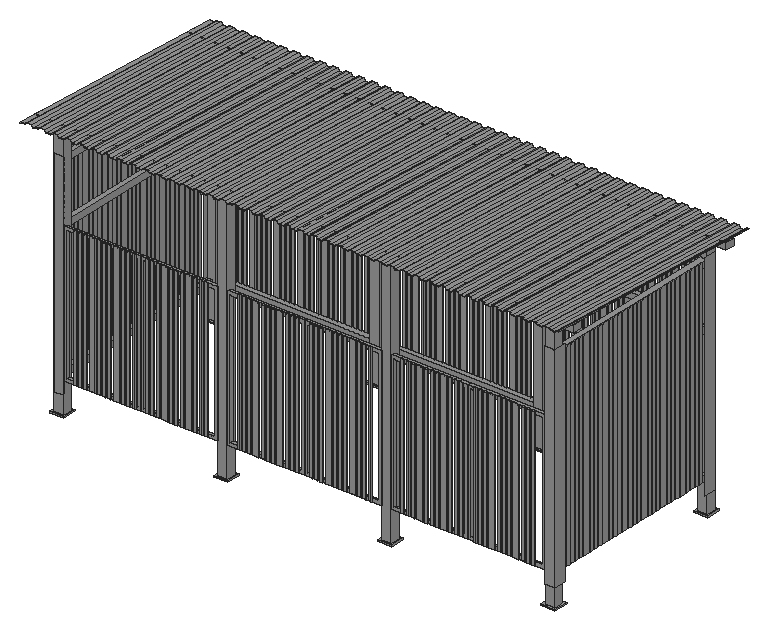
Revit family "15109 Контейнерная площадка для ТБО «Вертикаль» Хоббика", category Антураж, Revit 2018
Family settings
  На основе рабочей плоскости = Нет
  Всегда вертикально = Да
  При загрузке вырезать с полостями = Нет
  Источник визуального образа = Геометрия семейства
  Общий = Нет
  Точка расчета площади = Нет
Parameters (values of type "Контейнерная площадка для ТБО «Вертикаль»")
  Ширина = 2020 mm  # constant formula
  Цвет каркаса = Сталь
  Описание = "Контейнерная площадка для ТБО «Вертикаль»"  # constant formula
  Материал изделия = "Сталь"  # constant formula
  Изображение типоразмера = Контейнерная площадка для ТБО «Вертикаль» 15109.jpg
  Изготовитель = "ООО «Хоббика»"  # constant formula
  Длина = 4580 mm  # constant formula
  Группа модели = "Контейнерные площадки для ТБО"  # constant formula
  Высота = 2240 mm  # constant formula
  Артикул товара = "Арт. 15109"  # constant formula
  URL = "https://hobbyka.ru/product/konteynernaya_ploshchadka_dlya_tbo_vertikal/"
Reference planes
  plane 1 "По центру (Вперед/Назад)": y = 0
  plane 2: z = 0
  plane 3 "По центру (Влево/Вправо)": x = 0
  plane 4: x = 4580
  plane 5: y = 2020
  plane 6: z = 2240
Forms (mm)
  Extrusion 1, solid, material "Сталь" <- "Цвет каркаса"
    sketch origin (0, -111.557, 76.968) x (1, 0, 0) y (0, 0.052336, 0.99863)
      loop
        line (0, 2150) -> (40, 2150) -> (55, 2165) -> (95, 2165) -> (110, 2150) -> (150, 2150) -> (165, 2165) -> (205, 2165) -> (220, 2150) -> (260, 2150) -> (275, 2165) -> (315, 2165) -> (330, 2150) -> (370, 2150) -> (385, 2165) -> (425, 2165) -> (440, 2150) -> (480, 2150) -> (495, 2165) -> (535, 2165) -> (550, 2150) -> (590, 2150) -> (605, 2165) -> (645, 2165) -> (660, 2150) -> (700, 2150) -> (715, 2165) -> (755, 2165) -> (770, 2150) -> (810, 2150) -> (825, 2165) -> (865, 2165) -> (880, 2150) -> (920, 2150) -> (935, 2165) -> (975, 2165) -> (990, 2150) -> (1030, 2150) -> (1045, 2165) -> (1085, 2165) -> (1100, 2150) -> (1140, 2150) -> (1155, 2165) -> (1195, 2165) -> (1210, 2150) -> (1250, 2150) -> (1265, 2165) -> (1305, 2165) -> (1320, 2150) -> (1360, 2150) -> (1375, 2165) -> (1415, 2165) -> (1430, 2150) -> (1470, 2150) -> (1485, 2165) -> (1525, 2165) -> (1540, 2150) -> (1580, 2150) -> (1595, 2165) -> (1635, 2165) -> (1650, 2150) -> (1690, 2150) -> (1705, 2165) -> (1745, 2165) -> (1760, 2150) -> (1800, 2150) -> (1815, 2165) -> (1855, 2165) -> (1870, 2150) -> (1910, 2150) -> (1925, 2165) -> (1965, 2165) -> (1980, 2150) -> (2020, 2150) -> (2035, 2165) -> (2075, 2165) -> (2090, 2150) -> (2130, 2150) -> (2145, 2165) -> (2185, 2165) -> (2200, 2150) -> (2240, 2150) -> (2255, 2165) -> (2295, 2165) -> (2310, 2150) -> (2350, 2150) -> (2365, 2165) -> (2405, 2165) -> (2420, 2150) -> (2460, 2150) -> (2475, 2165) -> (2515, 2165) -> (2530, 2150) -> (2570, 2150) -> (2585, 2165) -> (2625, 2165) -> (2640, 2150) -> (2680, 2150) -> (2695, 2165) -> (2735, 2165) -> (2750, 2150) -> (2790, 2150) -> (2805, 2165) -> (2845, 2165) -> (2860, 2150) -> (2900, 2150) -> (2915, 2165) -> (2955, 2165) -> (2970, 2150) -> (3010, 2150) -> (3025, 2165) -> (3065, 2165) -> (3080, 2150) -> (3120, 2150) -> (3135, 2165) -> (3175, 2165) -> (3190, 2150) -> (3230, 2150) -> (3245, 2165) -> (3285, 2165) -> (3300, 2150) -> (3340, 2150) -> (3355, 2165) -> (3395, 2165) -> (3410, 2150) -> (3450, 2150) -> (3465, 2165) -> (3505, 2165) -> (3520, 2150) -> (3560, 2150) -> (3575, 2165) -> (3615, 2165) -> (3630, 2150) -> (3670, 2150) -> (3685, 2165) -> (3725, 2165) -> (3740, 2150) -> (3780, 2150) -> (3795, 2165) -> (3835, 2165) -> (3850, 2150) -> (3890, 2150) -> (3905, 2165) -> (3945, 2165) -> (3960, 2150) -> (4000, 2150) -> (4015, 2165) -> (4055, 2165) -> (4070, 2150) -> (4110, 2150) -> (4125, 2165) -> (4165, 2165) -> (4180, 2150) -> (4220, 2150) -> (4235, 2165) -> (4275, 2165) -> (4290, 2150) -> (4330, 2150) -> (4345, 2165) -> (4385, 2165) -> (4400, 2150) -> (4440, 2150) -> (4455, 2165) -> (4495, 2165) -> (4510, 2150) -> (4550, 2150) -> (4565, 2165) -> (4580, 2165) -> (4580, 2166) -> (4564.586, 2166) -> (4549.586, 2151) -> (4510.414, 2151) -> (4495.414, 2166) -> (4454.586, 2166) -> (4439.586, 2151) -> (4400.414, 2151) -> (4385.414, 2166) -> (4344.586, 2166) -> (4329.586, 2151) -> (4290.414, 2151) -> (4275.414, 2166) -> (4234.586, 2166) -> (4219.586, 2151) -> (4180.414, 2151) -> (4165.414, 2166) -> (4124.586, 2166) -> (4109.586, 2151) -> (4070.414, 2151) -> (4055.414, 2166) -> (4014.586, 2166) -> (3999.586, 2151) -> (3960.414, 2151) -> (3945.414, 2166) -> (3904.586, 2166) -> (3889.586, 2151) -> (3850.414, 2151) -> (3835.414, 2166) -> (3794.586, 2166) -> (3779.586, 2151) -> (3740.414, 2151) -> (3725.414, 2166) -> (3684.586, 2166) -> (3669.586, 2151) -> (3630.414, 2151) -> (3615.414, 2166) -> (3574.586, 2166) -> (3559.586, 2151) -> (3520.414, 2151) -> (3505.414, 2166) -> (3464.586, 2166) -> (3449.586, 2151) -> (3410.414, 2151) -> (3395.414, 2166) -> (3354.586, 2166) -> (3339.586, 2151) -> (3300.414, 2151) -> (3285.414, 2166) -> (3244.586, 2166) -> (3229.586, 2151) -> (3190.414, 2151) -> (3175.414, 2166) -> (3134.586, 2166) -> (3119.586, 2151) -> (3080.414, 2151) -> (3065.414, 2166) -> (3024.586, 2166) -> (3009.586, 2151) -> (2970.414, 2151) -> (2955.414, 2166) -> (2914.586, 2166) -> (2899.586, 2151) -> (2860.414, 2151) -> (2845.414, 2166) -> (2804.586, 2166) -> (2789.586, 2151) -> (2750.414, 2151) -> (2735.414, 2166) -> (2694.586, 2166) -> (2679.586, 2151) -> (2640.414, 2151) -> (2625.414, 2166) -> (2584.586, 2166) -> (2569.586, 2151) -> (2530.414, 2151) -> (2515.414, 2166) -> (2474.586, 2166) -> (2459.586, 2151) -> (2420.414, 2151) -> (2405.414, 2166) -> (2364.586, 2166) -> (2349.586, 2151) -> (2310.414, 2151) -> (2295.414, 2166) -> (2254.586, 2166) -> (2239.586, 2151) -> (2200.414, 2151) -> (2185.414, 2166) -> (2144.586, 2166) -> (2129.586, 2151) -> (2090.414, 2151) -> (2075.414, 2166) -> (2034.586, 2166) -> (2019.586, 2151) -> (1980.414, 2151) -> (1965.414, 2166) -> (1924.586, 2166) -> (1909.586, 2151) -> (1870.414, 2151) -> (1855.414, 2166) -> (1814.586, 2166) -> (1799.586, 2151) -> (1760.414, 2151) -> (1745.414, 2166) -> (1704.586, 2166) -> (1689.586, 2151) -> (1650.414, 2151) -> (1635.414, 2166) -> (1594.586, 2166) -> (1579.586, 2151) -> (1540.414, 2151) -> (1525.414, 2166) -> (1484.586, 2166) -> (1469.586, 2151) -> (1430.414, 2151) -> (1415.414, 2166) -> (1374.586, 2166) -> (1359.586, 2151) -> (1320.414, 2151) -> (1305.414, 2166) -> (1264.586, 2166) -> (1249.586, 2151) -> (1210.414, 2151) -> (1195.414, 2166) -> (1154.586, 2166) -> (1139.586, 2151) -> (1100.414, 2151) -> (1085.414, 2166) -> (1044.586, 2166) -> (1029.586, 2151) -> (990.414, 2151) -> (975.414, 2166) -> (934.586, 2166) -> (919.586, 2151) -> (880.414, 2151) -> (865.414, 2166) -> (824.586, 2166) -> (809.586, 2151) -> (770.414, 2151) -> (755.414, 2166) -> (714.586, 2166) -> (699.586, 2151) -> (660.414, 2151) -> (645.414, 2166) -> (604.586, 2166) -> (589.586, 2151) -> (550.414, 2151) -> (535.414, 2166) -> (494.586, 2166) -> (479.586, 2151) -> (440.414, 2151) -> (425.414, 2166) -> (384.586, 2166) -> (369.586, 2151) -> (330.414, 2151) -> (315.414, 2166) -> (274.586, 2166) -> (259.586, 2151) -> (220.414, 2151) -> (205.414, 2166) -> (164.586, 2166) -> (149.586, 2151) -> (110.414, 2151) -> (95.414, 2166) -> (54.586, 2166) -> (39.586, 2151) -> (0, 2151) -> (0, 2150)
    from 0 to -2020
  Extrusion 2, solid, material "Сталь" <- "Цвет каркаса"
    sketch origin (0, 0, 0) x (1, 0, 0) y (0, 1, 0)
      loop
        line (4340, 240) -> (4340, 160) -> (4420, 160) -> (4420, 240) -> (4340, 240)
      loop
        line (2946.667, 240) -> (2946.667, 160) -> (3026.667, 160) -> (3026.667, 240) -> (2946.667, 240)
      loop
        line (1553.333, 240) -> (1553.333, 160) -> (1633.333, 160) -> (1633.333, 240) -> (1553.333, 240)
      loop
        line (160, 240) -> (160, 160) -> (240, 160) -> (240, 240) -> (160, 240)
    from 0 to 2161.515
  Extrusion 3, solid, material "Сталь" <- "Цвет каркаса"
    sketch origin (0, 0, 0) x (1, 0, 0) y (0, 1, 0)
      loop
        line (140, 1880) -> (140, 1760) -> (260, 1760) -> (260, 1880) -> (140, 1880)
      loop
        line (1533.333, 1880) -> (1533.333, 1760) -> (1653.333, 1760) -> (1653.333, 1880) -> (1533.333, 1880)
      loop
        line (140, 260) -> (140, 140) -> (260, 140) -> (260, 260) -> (140, 260)
      loop
        line (1533.333, 260) -> (1533.333, 140) -> (1653.333, 140) -> (1653.333, 260) -> (1533.333, 260)
      loop
        line (2926.667, 260) -> (2926.667, 140) -> (3046.667, 140) -> (3046.667, 260) -> (2926.667, 260)
      loop
        line (4320, 260) -> (4320, 140) -> (4440, 140) -> (4440, 260) -> (4320, 260)
      loop
        line (2926.667, 1880) -> (2926.667, 1760) -> (3046.667, 1760) -> (3046.667, 1880) -> (2926.667, 1880)
      loop
        line (4320, 1880) -> (4320, 1760) -> (4440, 1760) -> (4440, 1880) -> (4320, 1880)
    from 0 to 10
  Extrusion 4, solid, material "Сталь" <- "Цвет каркаса"
    sketch origin (0, 0, 0) x (1, 0, 0) y (0, 1, 0)
      loop
        line (160, 1860) -> (160, 1780) -> (240, 1780) -> (240, 1860) -> (160, 1860)
      loop
        line (1553.333, 1860) -> (1553.333, 1780) -> (1633.333, 1780) -> (1633.333, 1860) -> (1553.333, 1860)
      loop
        line (2946.667, 1860) -> (2946.667, 1780) -> (3026.667, 1780) -> (3026.667, 1860) -> (2946.667, 1860)
      loop
        line (4340, 1860) -> (4340, 1780) -> (4420, 1780) -> (4420, 1860) -> (4340, 1860)
    from 0 to 2076.615
  Extrusion 5, solid, material "Сталь" <- "Цвет каркаса"
    sketch origin (0, 0, 0) x (0, 1, 0) y (0, 0, 1)
      loop
        line (160, 2215.687) -> (160, 2161.515) -> (240, 2161.515) -> (240, 2211.495) -> (160, 2215.687)
      loop
        line (1780, 2130.787) -> (1780, 2076.615) -> (1860, 2076.615) -> (1860, 2126.594) -> (1780, 2130.787)
    from 0 to 4580
  Extrusion 6, solid, material "Сталь" <- "Цвет каркаса"
    sketch origin (0, 0, 0) x (1, 0, 0) y (0, 1, 0)
      loop
        line (240, 1860) -> (240, 1810) -> (1553.333, 1810) -> (1553.333, 1860) -> (240, 1860)
      loop
        line (1633.333, 1860) -> (1633.333, 1810) -> (2946.667, 1810) -> (2946.667, 1860) -> (1633.333, 1860)
      loop
        line (3026.667, 1860) -> (3026.667, 1810) -> (4340, 1810) -> (4340, 1860) -> (3026.667, 1860)
      loop
        line (210, 1780) -> (160, 1780) -> (160, 240) -> (210, 240) -> (210, 1780)
      loop
        line (4420, 1780) -> (4370, 1780) -> (4370, 240) -> (4420, 240) -> (4420, 1780)
    from 270 to 320
  Extrusion 7, solid, material "Сталь" <- "Цвет каркаса"
    sketch origin (0, 0, 0) x (1, 0, 0) y (0, 1, 0)
      loop
        line (240, 1860) -> (240, 1810) -> (1553.333, 1810) -> (1553.333, 1860) -> (240, 1860)
      loop
        line (1633.333, 1860) -> (1633.333, 1810) -> (2946.667, 1810) -> (2946.667, 1860) -> (1633.333, 1860)
      loop
        line (3026.667, 1860) -> (3026.667, 1810) -> (4340, 1810) -> (4340, 1860) -> (3026.667, 1860)
      loop
        line (210, 1780) -> (160, 1780) -> (160, 240) -> (210, 240) -> (210, 1780)
      loop
        line (4420, 1780) -> (4370, 1780) -> (4370, 240) -> (4420, 240) -> (4420, 1780)
    from 1900 to 1950
  Extrusion 8, solid, material "Сталь" <- "Цвет каркаса"
    sketch origin (0, 0, 0) x (1, 0, 0) y (0, 1, 0)
      loop
        line (240, 1860) -> (240, 1810) -> (1553.333, 1810) -> (1553.333, 1860) -> (240, 1860)
      loop
        line (1633.333, 1860) -> (1633.333, 1810) -> (2946.667, 1810) -> (2946.667, 1860) -> (1633.333, 1860)
      loop
        line (3026.667, 1860) -> (3026.667, 1810) -> (4340, 1810) -> (4340, 1860) -> (3026.667, 1860)
      loop
        line (210, 1780) -> (160, 1780) -> (160, 240) -> (210, 240) -> (210, 1780)
      loop
        line (4420, 1780) -> (4370, 1780) -> (4370, 240) -> (4420, 240) -> (4420, 1780)
    from 1400 to 1450
  Extrusion 9, solid, material "Сталь" <- "Цвет каркаса"
    sketch origin (0, 0, 0) x (1, 0, 0) y (0, 0, 1)
      loop
        line (896.667, 1450) -> (240, 1450) -> (240, 270) -> (896.667, 270) -> (896.667, 1450)
      loop
        line (265, 1425) -> (265, 295) -> (871.667, 295) -> (871.667, 1425) -> (265, 1425)
      loop
        line (2290, 1450) -> (1633.333, 1450) -> (1633.333, 270) -> (2290, 270) -> (2290, 1450)
      loop
        line (1658.333, 1425) -> (1658.333, 295) -> (2265, 295) -> (2265, 1425) -> (1658.333, 1425)
      loop
        line (3683.333, 1450) -> (3026.667, 1450) -> (3026.667, 270) -> (3683.333, 270) -> (3683.333, 1450)
      loop
        line (3051.667, 1425) -> (3051.667, 295) -> (3658.333, 295) -> (3658.333, 1425) -> (3051.667, 1425)
    from -160 to -185
  Extrusion 10, solid, material "Сталь" <- "Цвет каркаса"
    sketch origin (656.667, 0, 0) x (1, 0, 0) y (0, 0, 1)
      loop
        line (896.667, 1450) -> (240, 1450) -> (240, 270) -> (896.667, 270) -> (896.667, 1450)
      loop
        line (265, 1425) -> (265, 295) -> (871.667, 295) -> (871.667, 1425) -> (265, 1425)
      loop
        line (2290, 1450) -> (1633.333, 1450) -> (1633.333, 270) -> (2290, 270) -> (2290, 1450)
      loop
        line (1658.333, 1425) -> (1658.333, 295) -> (2265, 295) -> (2265, 1425) -> (1658.333, 1425)
      loop
        line (3683.333, 1450) -> (3026.667, 1450) -> (3026.667, 270) -> (3683.333, 270) -> (3683.333, 1450)
      loop
        line (3051.667, 1425) -> (3051.667, 295) -> (3658.333, 295) -> (3658.333, 1425) -> (3051.667, 1425)
    from -160 to -185
  Extrusion 11, solid, material "Сталь" <- "Цвет каркаса"
    sketch origin (0, 0, 0) x (1, 0, 0) y (0, 1, 0)
      loop
        line (306.667, 1860) -> (306.667, 1861) -> (159, 1861) -> (159, 1750) -> (160, 1750) -> (160, 1860) -> (306.667, 1860)
      loop
        line (4278.333, 1860) -> (4420, 1860) -> (4420, 1755) -> (4421, 1755) -> (4421, 1861) -> (4278.333, 1861) -> (4278.333, 1860)
      loop
        line (240, 160) -> (160, 160) -> (160, 265) -> (159, 265) -> (159, 159) -> (240, 159) -> (240, 160)
      loop
        line (4340, 160) -> (4340, 159) -> (4421, 159) -> (4421, 265) -> (4420, 265) -> (4420, 160) -> (4340, 160)
      loop
        line (3088.333, 1861) -> (2885, 1861) -> (2885, 1860) -> (3088.333, 1860) -> (3088.333, 1861)
      loop
        line (1695, 1861) -> (1491.667, 1861) -> (1491.667, 1860) -> (1695, 1860) -> (1695, 1861)
    from 160 to 1975
  Extrusion 12, solid, material "Сталь" <- "Цвет каркаса"
    sketch origin (0, 0, 0) x (1, 0, 0) y (0, 1, 0)
      loop
        line (4420, 1680) -> (4420, 1655) -> (4421, 1655) -> (4421, 1680) -> (4420, 1680)
      loop
        line (160, 290) -> (160, 315) -> (159, 315) -> (159, 290) -> (160, 290)
      loop
        line (351.667, 1861) -> (326.667, 1861) -> (326.667, 1860) -> (351.667, 1860) -> (351.667, 1861)
      loop
        line (396.667, 1861) -> (371.667, 1861) -> (371.667, 1860) -> (396.667, 1860) -> (396.667, 1861)
      loop
        line (441.667, 1861) -> (416.667, 1861) -> (416.667, 1860) -> (441.667, 1860) -> (441.667, 1861)
      loop
        line (511.667, 1861) -> (461.667, 1861) -> (461.667, 1860) -> (511.667, 1860) -> (511.667, 1861)
      loop
        line (556.667, 1861) -> (531.667, 1861) -> (531.667, 1860) -> (556.667, 1860) -> (556.667, 1861)
      loop
        line (601.667, 1861) -> (576.667, 1861) -> (576.667, 1860) -> (601.667, 1860) -> (601.667, 1861)
      loop
        line (646.667, 1861) -> (621.667, 1861) -> (621.667, 1860) -> (646.667, 1860) -> (646.667, 1861)
      loop
        line (716.667, 1861) -> (666.667, 1861) -> (666.667, 1860) -> (716.667, 1860) -> (716.667, 1861)
      loop
        line (761.667, 1861) -> (736.667, 1861) -> (736.667, 1860) -> (761.667, 1860) -> (761.667, 1861)
      loop
        line (806.667, 1861) -> (781.667, 1861) -> (781.667, 1860) -> (806.667, 1860) -> (806.667, 1861)
      loop
        line (851.667, 1861) -> (826.667, 1861) -> (826.667, 1860) -> (851.667, 1860) -> (851.667, 1861)
      loop
        line (921.667, 1861) -> (871.667, 1861) -> (871.667, 1860) -> (921.667, 1860) -> (921.667, 1861)
      loop
        line (966.667, 1861) -> (941.667, 1861) -> (941.667, 1860) -> (966.667, 1860) -> (966.667, 1861)
      loop
        line (1011.667, 1861) -> (986.667, 1861) -> (986.667, 1860) -> (1011.667, 1860) -> (1011.667, 1861)
      loop
        line (1056.667, 1861) -> (1031.667, 1861) -> (1031.667, 1860) -> (1056.667, 1860) -> (1056.667, 1861)
      loop
        line (1126.667, 1861) -> (1076.667, 1861) -> (1076.667, 1860) -> (1126.667, 1860) -> (1126.667, 1861)
      loop
        line (1171.667, 1861) -> (1146.667, 1861) -> (1146.667, 1860) -> (1171.667, 1860) -> (1171.667, 1861)
      loop
        line (1216.667, 1861) -> (1191.667, 1861) -> (1191.667, 1860) -> (1216.667, 1860) -> (1216.667, 1861)
      loop
        line (1261.667, 1861) -> (1236.667, 1861) -> (1236.667, 1860) -> (1261.667, 1860) -> (1261.667, 1861)
      loop
        line (1331.667, 1861) -> (1281.667, 1861) -> (1281.667, 1860) -> (1331.667, 1860) -> (1331.667, 1861)
      loop
        line (1376.667, 1861) -> (1351.667, 1861) -> (1351.667, 1860) -> (1376.667, 1860) -> (1376.667, 1861)
      loop
        line (1421.667, 1861) -> (1396.667, 1861) -> (1396.667, 1860) -> (1421.667, 1860) -> (1421.667, 1861)
      loop
        line (1466.667, 1861) -> (1441.667, 1861) -> (1441.667, 1860) -> (1466.667, 1860) -> (1466.667, 1861)
      loop
        line (1745, 1861) -> (1720, 1861) -> (1720, 1860) -> (1745, 1860) -> (1745, 1861)
      loop
        line (1790, 1861) -> (1765, 1861) -> (1765, 1860) -> (1790, 1860) -> (1790, 1861)
      loop
        line (1835, 1861) -> (1810, 1861) -> (1810, 1860) -> (1835, 1860) -> (1835, 1861)
      loop
        line (1905, 1861) -> (1855, 1861) -> (1855, 1860) -> (1905, 1860) -> (1905, 1861)
      loop
        line (1950, 1861) -> (1925, 1861) -> (1925, 1860) -> (1950, 1860) -> (1950, 1861)
      loop
        line (1995, 1861) -> (1970, 1861) -> (1970, 1860) -> (1995, 1860) -> (1995, 1861)
      loop
        line (2040, 1861) -> (2015, 1861) -> (2015, 1860) -> (2040, 1860) -> (2040, 1861)
      loop
        line (2110, 1861) -> (2060, 1861) -> (2060, 1860) -> (2110, 1860) -> (2110, 1861)
      loop
        line (2155, 1861) -> (2130, 1861) -> (2130, 1860) -> (2155, 1860) -> (2155, 1861)
      loop
        line (2200, 1861) -> (2175, 1861) -> (2175, 1860) -> (2200, 1860) -> (2200, 1861)
      loop
        line (2245, 1861) -> (2220, 1861) -> (2220, 1860) -> (2245, 1860) -> (2245, 1861)
      loop
        line (2315, 1861) -> (2265, 1861) -> (2265, 1860) -> (2315, 1860) -> (2315, 1861)
      loop
        line (2360, 1861) -> (2335, 1861) -> (2335, 1860) -> (2360, 1860) -> (2360, 1861)
      loop
        line (2405, 1861) -> (2380, 1861) -> (2380, 1860) -> (2405, 1860) -> (2405, 1861)
      loop
        line (2450, 1861) -> (2425, 1861) -> (2425, 1860) -> (2450, 1860) -> (2450, 1861)
      loop
        line (2520, 1861) -> (2470, 1861) -> (2470, 1860) -> (2520, 1860) -> (2520, 1861)
      loop
        line (2565, 1861) -> (2540, 1861) -> (2540, 1860) -> (2565, 1860) -> (2565, 1861)
      loop
        line (2610, 1861) -> (2585, 1861) -> (2585, 1860) -> (2610, 1860) -> (2610, 1861)
      loop
        line (2655, 1861) -> (2630, 1861) -> (2630, 1860) -> (2655, 1860) -> (2655, 1861)
      loop
        line (2725, 1861) -> (2675, 1861) -> (2675, 1860) -> (2725, 1860) -> (2725, 1861)
      loop
        line (2770, 1861) -> (2745, 1861) -> (2745, 1860) -> (2770, 1860) -> (2770, 1861)
      loop
        line (2815, 1861) -> (2790, 1861) -> (2790, 1860) -> (2815, 1860) -> (2815, 1861)
      loop
        line (2860, 1861) -> (2835, 1861) -> (2835, 1860) -> (2860, 1860) -> (2860, 1861)
      loop
        line (3138.333, 1861) -> (3113.333, 1861) -> (3113.333, 1860) -> (3138.333, 1860) -> (3138.333, 1861)
      loop
        line (3183.333, 1861) -> (3158.333, 1861) -> (3158.333, 1860) -> (3183.333, 1860) -> (3183.333, 1861)
      loop
        line (3228.333, 1861) -> (3203.333, 1861) -> (3203.333, 1860) -> (3228.333, 1860) -> (3228.333, 1861)
      loop
        line (3298.333, 1861) -> (3248.333, 1861) -> (3248.333, 1860) -> (3298.333, 1860) -> (3298.333, 1861)
      loop
        line (3343.333, 1861) -> (3318.333, 1861) -> (3318.333, 1860) -> (3343.333, 1860) -> (3343.333, 1861)
      loop
        line (3388.333, 1861) -> (3363.333, 1861) -> (3363.333, 1860) -> (3388.333, 1860) -> (3388.333, 1861)
      loop
        line (3433.333, 1861) -> (3408.333, 1861) -> (3408.333, 1860) -> (3433.333, 1860) -> (3433.333, 1861)
      loop
        line (3503.333, 1861) -> (3453.333, 1861) -> (3453.333, 1860) -> (3503.333, 1860) -> (3503.333, 1861)
      loop
        line (3548.333, 1861) -> (3523.333, 1861) -> (3523.333, 1860) -> (3548.333, 1860) -> (3548.333, 1861)
      loop
        line (3593.333, 1861) -> (3568.333, 1861) -> (3568.333, 1860) -> (3593.333, 1860) -> (3593.333, 1861)
      loop
        line (3638.333, 1861) -> (3613.333, 1861) -> (3613.333, 1860) -> (3638.333, 1860) -> (3638.333, 1861)
      loop
        line (3708.333, 1861) -> (3658.333, 1861) -> (3658.333, 1860) -> (3708.333, 1860) -> (3708.333, 1861)
      loop
        line (3753.333, 1861) -> (3728.333, 1861) -> (3728.333, 1860) -> (3753.333, 1860) -> (3753.333, 1861)
      loop
        line (3798.333, 1861) -> (3773.333, 1861) -> (3773.333, 1860) -> (3798.333, 1860) -> (3798.333, 1861)
      loop
        line (3843.333, 1861) -> (3818.333, 1861) -> (3818.333, 1860) -> (3843.333, 1860) -> (3843.333, 1861)
      loop
        line (3913.333, 1861) -> (3863.333, 1861) -> (3863.333, 1860) -> (3913.333, 1860) -> (3913.333, 1861)
      loop
        line (3958.333, 1861) -> (3933.333, 1861) -> (3933.333, 1860) -> (3958.333, 1860) -> (3958.333, 1861)
      loop
        line (4003.333, 1861) -> (3978.333, 1861) -> (3978.333, 1860) -> (4003.333, 1860) -> (4003.333, 1861)
      loop
        line (4048.333, 1861) -> (4023.333, 1861) -> (4023.333, 1860) -> (4048.333, 1860) -> (4048.333, 1861)
      loop
        line (4118.333, 1861) -> (4068.333, 1861) -> (4068.333, 1860) -> (4118.333, 1860) -> (4118.333, 1861)
      loop
        line (4163.333, 1861) -> (4138.333, 1861) -> (4138.333, 1860) -> (4163.333, 1860) -> (4163.333, 1861)
      loop
        line (4208.333, 1861) -> (4183.333, 1861) -> (4183.333, 1860) -> (4208.333, 1860) -> (4208.333, 1861)
      loop
        line (4253.333, 1861) -> (4228.333, 1861) -> (4228.333, 1860) -> (4253.333, 1860) -> (4253.333, 1861)
      loop
        line (4421, 1610) -> (4421, 1635) -> (4420, 1635) -> (4420, 1610) -> (4421, 1610)
      loop
        line (4421, 1565) -> (4421, 1590) -> (4420, 1590) -> (4420, 1565) -> (4421, 1565)
      loop
        line (4421, 1495) -> (4421, 1545) -> (4420, 1545) -> (4420, 1495) -> (4421, 1495)
      loop
        line (4421, 1450) -> (4421, 1475) -> (4420, 1475) -> (4420, 1450) -> (4421, 1450)
      loop
        line (4421, 1405) -> (4421, 1430) -> (4420, 1430) -> (4420, 1405) -> (4421, 1405)
      loop
        line (4421, 1360) -> (4421, 1385) -> (4420, 1385) -> (4420, 1360) -> (4421, 1360)
      loop
        line (4421, 1290) -> (4421, 1340) -> (4420, 1340) -> (4420, 1290) -> (4421, 1290)
      loop
        line (4421, 1245) -> (4421, 1270) -> (4420, 1270) -> (4420, 1245) -> (4421, 1245)
      loop
        line (4421, 1200) -> (4421, 1225) -> (4420, 1225) -> (4420, 1200) -> (4421, 1200)
      loop
        line (4421, 1155) -> (4421, 1180) -> (4420, 1180) -> (4420, 1155) -> (4421, 1155)
      loop
        line (4421, 1085) -> (4421, 1135) -> (4420, 1135) -> (4420, 1085) -> (4421, 1085)
      loop
        line (4421, 1040) -> (4421, 1065) -> (4420, 1065) -> (4420, 1040) -> (4421, 1040)
      loop
        line (4421, 995) -> (4421, 1020) -> (4420, 1020) -> (4420, 995) -> (4421, 995)
      loop
        line (4421, 950) -> (4421, 975) -> (4420, 975) -> (4420, 950) -> (4421, 950)
      loop
        line (4421, 880) -> (4421, 930) -> (4420, 930) -> (4420, 880) -> (4421, 880)
      loop
        line (4421, 835) -> (4421, 860) -> (4420, 860) -> (4420, 835) -> (4421, 835)
      loop
        line (4421, 790) -> (4421, 815) -> (4420, 815) -> (4420, 790) -> (4421, 790)
      loop
        line (4421, 745) -> (4421, 770) -> (4420, 770) -> (4420, 745) -> (4421, 745)
      loop
        line (4421, 675) -> (4421, 725) -> (4420, 725) -> (4420, 675) -> (4421, 675)
      loop
        line (4421, 630) -> (4421, 655) -> (4420, 655) -> (4420, 630) -> (4421, 630)
      loop
        line (4421, 585) -> (4421, 610) -> (4420, 610) -> (4420, 585) -> (4421, 585)
      loop
        line (4421, 540) -> (4421, 565) -> (4420, 565) -> (4420, 540) -> (4421, 540)
      loop
        line (4421, 470) -> (4421, 520) -> (4420, 520) -> (4420, 470) -> (4421, 470)
      loop
        line (4421, 425) -> (4421, 450) -> (4420, 450) -> (4420, 425) -> (4421, 425)
      loop
        line (4421, 380) -> (4421, 405) -> (4420, 405) -> (4420, 380) -> (4421, 380)
      loop
        line (4421, 335) -> (4421, 360) -> (4420, 360) -> (4420, 335) -> (4421, 335)
      loop
        line (4421, 290) -> (4421, 315) -> (4420, 315) -> (4420, 290) -> (4421, 290)
      loop
        line (4420, 1725) -> (4420, 1700) -> (4421, 1700) -> (4421, 1725) -> (4420, 1725)
      loop
        line (159, 1680) -> (159, 1655) -> (160, 1655) -> (160, 1680) -> (159, 1680)
      loop
        line (160, 1610) -> (160, 1635) -> (159, 1635) -> (159, 1610) -> (160, 1610)
      loop
        line (160, 1565) -> (160, 1590) -> (159, 1590) -> (159, 1565) -> (160, 1565)
      loop
        line (160, 1495) -> (160, 1545) -> (159, 1545) -> (159, 1495) -> (160, 1495)
      loop
        line (160, 1450) -> (160, 1475) -> (159, 1475) -> (159, 1450) -> (160, 1450)
      loop
        line (160, 1405) -> (160, 1430) -> (159, 1430) -> (159, 1405) -> (160, 1405)
      loop
        line (160, 1360) -> (160, 1385) -> (159, 1385) -> (159, 1360) -> (160, 1360)
      loop
        line (160, 1290) -> (160, 1340) -> (159, 1340) -> (159, 1290) -> (160, 1290)
      loop
        line (160, 1245) -> (160, 1270) -> (159, 1270) -> (159, 1245) -> (160, 1245)
      loop
        line (160, 1200) -> (160, 1225) -> (159, 1225) -> (159, 1200) -> (160, 1200)
      loop
        line (160, 1155) -> (160, 1180) -> (159, 1180) -> (159, 1155) -> (160, 1155)
      loop
        line (160, 1085) -> (160, 1135) -> (159, 1135) -> (159, 1085) -> (160, 1085)
      loop
        line (160, 1040) -> (160, 1065) -> (159, 1065) -> (159, 1040) -> (160, 1040)
      loop
        line (160, 995) -> (160, 1020) -> (159, 1020) -> (159, 995) -> (160, 995)
      loop
        line (160, 950) -> (160, 975) -> (159, 975) -> (159, 950) -> (160, 950)
      loop
        line (160, 880) -> (160, 930) -> (159, 930) -> (159, 880) -> (160, 880)
      loop
        line (160, 835) -> (160, 860) -> (159, 860) -> (159, 835) -> (160, 835)
      loop
        line (160, 790) -> (160, 815) -> (159, 815) -> (159, 790) -> (160, 790)
      loop
        line (160, 745) -> (160, 770) -> (159, 770) -> (159, 745) -> (160, 745)
      loop
        line (160, 675) -> (160, 725) -> (159, 725) -> (159, 675) -> (160, 675)
      loop
        line (160, 630) -> (160, 655) -> (159, 655) -> (159, 630) -> (160, 630)
      loop
        line (160, 585) -> (160, 610) -> (159, 610) -> (159, 585) -> (160, 585)
      loop
        line (160, 540) -> (160, 565) -> (159, 565) -> (159, 540) -> (160, 540)
      loop
        line (160, 470) -> (160, 520) -> (159, 520) -> (159, 470) -> (160, 470)
      loop
        line (160, 425) -> (160, 450) -> (159, 450) -> (159, 425) -> (160, 425)
      loop
        line (160, 380) -> (160, 405) -> (159, 405) -> (159, 380) -> (160, 380)
      loop
        line (160, 335) -> (160, 360) -> (159, 360) -> (159, 335) -> (160, 335)
      loop
        line (159, 1725) -> (159, 1700) -> (160, 1700) -> (160, 1725) -> (159, 1725)
    from 270 to 1950
  Extrusion 13, solid, material "Сталь" <- "Цвет каркаса"
    sketch origin (0, -1701, 0) x (1, 0, 0) y (0, 1, 0)
      loop
        line (351.667, 1861) -> (326.667, 1861) -> (326.667, 1860) -> (351.667, 1860) -> (351.667, 1861)
      loop
        line (396.667, 1861) -> (371.667, 1861) -> (371.667, 1860) -> (396.667, 1860) -> (396.667, 1861)
      loop
        line (441.667, 1861) -> (416.667, 1861) -> (416.667, 1860) -> (441.667, 1860) -> (441.667, 1861)
      loop
        line (511.667, 1861) -> (461.667, 1861) -> (461.667, 1860) -> (511.667, 1860) -> (511.667, 1861)
      loop
        line (556.667, 1861) -> (531.667, 1861) -> (531.667, 1860) -> (556.667, 1860) -> (556.667, 1861)
      loop
        line (601.667, 1861) -> (576.667, 1861) -> (576.667, 1860) -> (601.667, 1860) -> (601.667, 1861)
      loop
        line (646.667, 1861) -> (621.667, 1861) -> (621.667, 1860) -> (646.667, 1860) -> (646.667, 1861)
      loop
        line (716.667, 1861) -> (666.667, 1861) -> (666.667, 1860) -> (716.667, 1860) -> (716.667, 1861)
      loop
        line (761.667, 1861) -> (736.667, 1861) -> (736.667, 1860) -> (761.667, 1860) -> (761.667, 1861)
      loop
        line (806.667, 1861) -> (781.667, 1861) -> (781.667, 1860) -> (806.667, 1860) -> (806.667, 1861)
      loop
        line (851.667, 1861) -> (826.667, 1861) -> (826.667, 1860) -> (851.667, 1860) -> (851.667, 1861)
      loop
        line (966.667, 1861) -> (941.667, 1861) -> (941.667, 1860) -> (966.667, 1860) -> (966.667, 1861)
      loop
        line (1011.667, 1861) -> (986.667, 1861) -> (986.667, 1860) -> (1011.667, 1860) -> (1011.667, 1861)
      loop
        line (1056.667, 1861) -> (1031.667, 1861) -> (1031.667, 1860) -> (1056.667, 1860) -> (1056.667, 1861)
      loop
        line (1126.667, 1861) -> (1076.667, 1861) -> (1076.667, 1860) -> (1126.667, 1860) -> (1126.667, 1861)
      loop
        line (1171.667, 1861) -> (1146.667, 1861) -> (1146.667, 1860) -> (1171.667, 1860) -> (1171.667, 1861)
      loop
        line (1216.667, 1861) -> (1191.667, 1861) -> (1191.667, 1860) -> (1216.667, 1860) -> (1216.667, 1861)
      loop
        line (1261.667, 1861) -> (1236.667, 1861) -> (1236.667, 1860) -> (1261.667, 1860) -> (1261.667, 1861)
      loop
        line (1331.667, 1861) -> (1281.667, 1861) -> (1281.667, 1860) -> (1331.667, 1860) -> (1331.667, 1861)
      loop
        line (1376.667, 1861) -> (1351.667, 1861) -> (1351.667, 1860) -> (1376.667, 1860) -> (1376.667, 1861)
      loop
        line (1421.667, 1861) -> (1396.667, 1861) -> (1396.667, 1860) -> (1421.667, 1860) -> (1421.667, 1861)
      loop
        line (1466.667, 1861) -> (1441.667, 1861) -> (1441.667, 1860) -> (1466.667, 1860) -> (1466.667, 1861)
      loop
        line (1745, 1861) -> (1720, 1861) -> (1720, 1860) -> (1745, 1860) -> (1745, 1861)
      loop
        line (1790, 1861) -> (1765, 1861) -> (1765, 1860) -> (1790, 1860) -> (1790, 1861)
      loop
        line (1835, 1861) -> (1810, 1861) -> (1810, 1860) -> (1835, 1860) -> (1835, 1861)
      loop
        line (1905, 1861) -> (1855, 1861) -> (1855, 1860) -> (1905, 1860) -> (1905, 1861)
      loop
        line (1950, 1861) -> (1925, 1861) -> (1925, 1860) -> (1950, 1860) -> (1950, 1861)
      loop
        line (1995, 1861) -> (1970, 1861) -> (1970, 1860) -> (1995, 1860) -> (1995, 1861)
      loop
        line (2040, 1861) -> (2015, 1861) -> (2015, 1860) -> (2040, 1860) -> (2040, 1861)
      loop
        line (2110, 1861) -> (2060, 1861) -> (2060, 1860) -> (2110, 1860) -> (2110, 1861)
      loop
        line (2155, 1861) -> (2130, 1861) -> (2130, 1860) -> (2155, 1860) -> (2155, 1861)
      loop
        line (2200, 1861) -> (2175, 1861) -> (2175, 1860) -> (2200, 1860) -> (2200, 1861)
      loop
        line (2245, 1861) -> (2220, 1861) -> (2220, 1860) -> (2245, 1860) -> (2245, 1861)
      loop
        line (2360, 1861) -> (2335, 1861) -> (2335, 1860) -> (2360, 1860) -> (2360, 1861)
      loop
        line (2405, 1861) -> (2380, 1861) -> (2380, 1860) -> (2405, 1860) -> (2405, 1861)
      loop
        line (2450, 1861) -> (2425, 1861) -> (2425, 1860) -> (2450, 1860) -> (2450, 1861)
      loop
        line (2520, 1861) -> (2470, 1861) -> (2470, 1860) -> (2520, 1860) -> (2520, 1861)
      loop
        line (2565, 1861) -> (2540, 1861) -> (2540, 1860) -> (2565, 1860) -> (2565, 1861)
      loop
        line (2610, 1861) -> (2585, 1861) -> (2585, 1860) -> (2610, 1860) -> (2610, 1861)
      loop
        line (2655, 1861) -> (2630, 1861) -> (2630, 1860) -> (2655, 1860) -> (2655, 1861)
      loop
        line (2725, 1861) -> (2675, 1861) -> (2675, 1860) -> (2725, 1860) -> (2725, 1861)
      loop
        line (2770, 1861) -> (2745, 1861) -> (2745, 1860) -> (2770, 1860) -> (2770, 1861)
      loop
        line (2815, 1861) -> (2790, 1861) -> (2790, 1860) -> (2815, 1860) -> (2815, 1861)
      loop
        line (2860, 1861) -> (2835, 1861) -> (2835, 1860) -> (2860, 1860) -> (2860, 1861)
      loop
        line (3138.333, 1861) -> (3113.333, 1861) -> (3113.333, 1860) -> (3138.333, 1860) -> (3138.333, 1861)
      loop
        line (3183.333, 1861) -> (3158.333, 1861) -> (3158.333, 1860) -> (3183.333, 1860) -> (3183.333, 1861)
      loop
        line (3228.333, 1861) -> (3203.333, 1861) -> (3203.333, 1860) -> (3228.333, 1860) -> (3228.333, 1861)
      loop
        line (3298.333, 1861) -> (3248.333, 1861) -> (3248.333, 1860) -> (3298.333, 1860) -> (3298.333, 1861)
      loop
        line (3343.333, 1861) -> (3318.333, 1861) -> (3318.333, 1860) -> (3343.333, 1860) -> (3343.333, 1861)
      loop
        line (3388.333, 1861) -> (3363.333, 1861) -> (3363.333, 1860) -> (3388.333, 1860) -> (3388.333, 1861)
      loop
        line (3433.333, 1861) -> (3408.333, 1861) -> (3408.333, 1860) -> (3433.333, 1860) -> (3433.333, 1861)
      loop
        line (3503.333, 1861) -> (3453.333, 1861) -> (3453.333, 1860) -> (3503.333, 1860) -> (3503.333, 1861)
      loop
        line (3548.333, 1861) -> (3523.333, 1861) -> (3523.333, 1860) -> (3548.333, 1860) -> (3548.333, 1861)
      loop
        line (3593.333, 1861) -> (3568.333, 1861) -> (3568.333, 1860) -> (3593.333, 1860) -> (3593.333, 1861)
      loop
        line (3638.333, 1861) -> (3613.333, 1861) -> (3613.333, 1860) -> (3638.333, 1860) -> (3638.333, 1861)
      loop
        line (3753.333, 1861) -> (3728.333, 1861) -> (3728.333, 1860) -> (3753.333, 1860) -> (3753.333, 1861)
      loop
        line (3798.333, 1861) -> (3773.333, 1861) -> (3773.333, 1860) -> (3798.333, 1860) -> (3798.333, 1861)
      loop
        line (3843.333, 1861) -> (3818.333, 1861) -> (3818.333, 1860) -> (3843.333, 1860) -> (3843.333, 1861)
      loop
        line (3913.333, 1861) -> (3863.333, 1861) -> (3863.333, 1860) -> (3913.333, 1860) -> (3913.333, 1861)
      loop
        line (3958.333, 1861) -> (3933.333, 1861) -> (3933.333, 1860) -> (3958.333, 1860) -> (3958.333, 1861)
      loop
        line (4003.333, 1861) -> (3978.333, 1861) -> (3978.333, 1860) -> (4003.333, 1860) -> (4003.333, 1861)
      loop
        line (4048.333, 1861) -> (4023.333, 1861) -> (4023.333, 1860) -> (4048.333, 1860) -> (4048.333, 1861)
      loop
        line (4118.333, 1861) -> (4068.333, 1861) -> (4068.333, 1860) -> (4118.333, 1860) -> (4118.333, 1861)
      loop
        line (4163.333, 1861) -> (4138.333, 1861) -> (4138.333, 1860) -> (4163.333, 1860) -> (4163.333, 1861)
      loop
        line (4208.333, 1861) -> (4183.333, 1861) -> (4183.333, 1860) -> (4208.333, 1860) -> (4208.333, 1861)
      loop
        line (4253.333, 1861) -> (4228.333, 1861) -> (4228.333, 1860) -> (4253.333, 1860) -> (4253.333, 1861)
    from 270 to 1450
Dimensions and locks
  "Длина": plane 3 "По центру (Влево/Вправо)" to plane 4
  "Ширина": plane 5 to plane 1 "По центру (Вперед/Назад)"
  "Высота": plane 6 to plane 2
  Extrusion 4 to Extrusion 4 to Extrusion 4 to Extrusion 4 to Extrusion 4 to Extrusion 4 = 1313.333 mm, 80 mm, 1313.333 mm, 80 mm, 1313.333 mm
  Extrusion 5 to Extrusion 5 = 1540 mm
  Extrusion 11 to plane 1 "По центру (Вперед/Назад)" = 1860 mm
  aligned and locked: level to plane 2
Automatic sketch dimensions
  Extrusion 1 sketch curve to plane 3 "По центру (Влево/Вправо)" = 0 mm
  Extrusion 1 sketch curve to plane 4 = 0 mm
  plane 3 "По центру (Влево/Вправо)" to Extrusion 1 sketch curve = 39.586 mm
  Extrusion 1 sketch curve to Extrusion 1 sketch curve = 0.414 mm  (x166)
  Extrusion 1 sketch curve to Extrusion 1 sketch curve = 15 mm  (x82)
  Extrusion 1 sketch curve to Extrusion 1 sketch curve = 40 mm  (x41)
  Extrusion 1 sketch curve to Extrusion 1 sketch curve = 39.172 mm  (x40)
  Extrusion 1 sketch curve to plane 4 = 30.414 mm
  Extrusion 1 sketch curve to plane 4 = 15.414 mm
  Extrusion 1 sketch curve to Extrusion 1 sketch curve = 0 mm  (x41)
  Extrusion 1 sketch curve to Extrusion 1 sketch curve = 1 mm  (x84)
  Extrusion 1 sketch curve to Extrusion 1 sketch curve = 14 mm  (x42)
  plane 3 "По центру (Влево/Вправо)" to Extrusion 2 sketch curve = 160 mm
  Extrusion 2 sketch curve to Extrusion 2 sketch curve = 80 mm  (x8)
  Extrusion 2 sketch curve to plane 1 "По центру (Вперед/Назад)" = 160 mm  (x4)
  Extrusion 2 sketch curve to Extrusion 2 sketch curve = 1313.333 mm  (x2)
  Extrusion 2 sketch curve to plane 4 = 240 mm
  plane 3 "По центру (Влево/Вправо)" to Extrusion 3 sketch curve = 140 mm  (x2)
  Extrusion 3 sketch curve to Extrusion 3 sketch curve = 120 mm  (x16)
  Extrusion 3 sketch curve to plane 1 "По центру (Вперед/Назад)" = 140 mm  (x3)
  Extrusion 3 sketch curve to Extrusion 3 sketch curve = 1273.333 mm  (x4)
  Extrusion 3 sketch curve to plane 5 = 260 mm  (x4)
  Extrusion 3 sketch curve to plane 1 "По центру (Вперед/Назад)" = 260 mm
  Extrusion 3 sketch curve to plane 4 = 260 mm  (x2)
  plane 3 "По центру (Влево/Вправо)" to Extrusion 4 sketch curve = 160 mm
  Extrusion 4 sketch curve to Extrusion 4 sketch curve = 80 mm  (x8)
  Extrusion 4 sketch curve to plane 5 = 160 mm  (x2)
  Extrusion 4 sketch curve to Extrusion 4 sketch curve = 1313.333 mm  (x2)
  Extrusion 4 sketch curve to plane 4 = 240 mm
  Extrusion 4 sketch curve to plane 5 = 240 mm  (x2)
  plane 6 to Extrusion 5 sketch curve = 78.485 mm
  Extrusion 5 sketch curve to plane 1 "По центру (Вперед/Назад)" = 160 mm
  Extrusion 5 sketch curve to Extrusion 5 sketch curve = 80 mm  (x2)
  plane 6 to Extrusion 5 sketch curve = 109.213 mm
  Extrusion 5 sketch curve to plane 5 = 240 mm
  Extrusion 5 sketch curve to Extrusion 5 sketch curve = 4.193 mm
  Extrusion 5 sketch curve to Extrusion 5 sketch curve = 49.979 mm
  plane 6 to Extrusion 5 sketch curve = 28.505 mm
  plane 6 to Extrusion 5 sketch curve = 24.313 mm
  plane 3 "По центру (Влево/Вправо)" to Extrusion 6 sketch curve = 160 mm
  Extrusion 6 sketch curve to Extrusion 6 sketch curve = 50 mm  (x6)
  Extrusion 6 sketch curve to Extrusion 6 sketch curve = 30 mm  (x4)
  Extrusion 6 sketch curve to plane 5 = 210 mm
  Extrusion 6 sketch curve to Extrusion 6 sketch curve = 1313.333 mm  (x2)
  Extrusion 6 sketch curve to Extrusion 6 sketch curve = 80 mm  (x2)
  Extrusion 6 sketch curve to plane 5 = 160 mm
  Extrusion 6 sketch curve to plane 4 = 240 mm
  Extrusion 6 sketch curve to plane 1 "По центру (Вперед/Назад)" = 240 mm  (x2)
  plane 3 "По центру (Влево/Вправо)" to Extrusion 7 sketch curve = 160 mm
  Extrusion 7 sketch curve to Extrusion 7 sketch curve = 50 mm  (x6)
  Extrusion 7 sketch curve to Extrusion 7 sketch curve = 30 mm  (x4)
  Extrusion 7 sketch curve to plane 5 = 210 mm
  Extrusion 7 sketch curve to Extrusion 7 sketch curve = 1313.333 mm  (x2)
  Extrusion 7 sketch curve to Extrusion 7 sketch curve = 80 mm  (x2)
  Extrusion 7 sketch curve to plane 5 = 160 mm
  Extrusion 7 sketch curve to plane 4 = 240 mm
  Extrusion 7 sketch curve to plane 1 "По центру (Вперед/Назад)" = 240 mm  (x2)
  plane 3 "По центру (Влево/Вправо)" to Extrusion 8 sketch curve = 160 mm
  Extrusion 8 sketch curve to Extrusion 8 sketch curve = 50 mm  (x6)
  Extrusion 8 sketch curve to Extrusion 8 sketch curve = 30 mm  (x4)
  Extrusion 8 sketch curve to plane 5 = 210 mm
  Extrusion 8 sketch curve to Extrusion 8 sketch curve = 1313.333 mm  (x2)
  Extrusion 8 sketch curve to Extrusion 8 sketch curve = 80 mm  (x2)
  Extrusion 8 sketch curve to plane 5 = 160 mm
  Extrusion 8 sketch curve to plane 4 = 240 mm
  Extrusion 8 sketch curve to plane 1 "По центру (Вперед/Назад)" = 240 mm  (x2)
  plane 3 "По центру (Влево/Вправо)" to Extrusion 9 sketch curve = 240 mm
  Extrusion 9 sketch curve to Extrusion 9 sketch curve = 25 mm  (x12)
  Extrusion 9 sketch curve to Extrusion 9 sketch curve = 606.667 mm  (x3)
  Extrusion 9 sketch curve to Extrusion 9 sketch curve = 736.667 mm  (x2)
  level to Extrusion 9 sketch curve = 295 mm  (x2)
  level to Extrusion 9 sketch curve = 270 mm
  plane 6 to Extrusion 9 sketch curve = 815 mm  (x2)
  Extrusion 9 sketch curve to Extrusion 9 sketch curve = 0 mm
  plane 3 "По центру (Влево/Вправо)" to Extrusion 10 sketch curve = 896.667 mm
  Extrusion 10 sketch curve to Extrusion 10 sketch curve = 25 mm  (x12)
  Extrusion 10 sketch curve to Extrusion 10 sketch curve = 606.667 mm  (x2)
  Extrusion 10 sketch curve to Extrusion 10 sketch curve = 736.667 mm  (x2)
  Extrusion 10 sketch curve to plane 4 = 265 mm
  level to Extrusion 10 sketch curve = 270 mm  (x3)
  plane 6 to Extrusion 10 sketch curve = 815 mm  (x2)
  Extrusion 10 sketch curve to Extrusion 10 sketch curve = 0 mm
  plane 3 "По центру (Влево/Вправо)" to Extrusion 11 sketch curve = 159 mm  (x2)
  Extrusion 11 sketch curve to Extrusion 11 sketch curve = 1 mm  (x10)
  Extrusion 11 sketch curve to Extrusion 11 sketch curve = 80 mm  (x2)
  Extrusion 11 sketch curve to Extrusion 11 sketch curve = 146.667 mm
  Extrusion 11 sketch curve to plane 5 = 159 mm  (x2)
  Extrusion 11 sketch curve to Extrusion 11 sketch curve = 1185 mm
  Extrusion 11 sketch curve to Extrusion 11 sketch curve = 203.333 mm  (x2)
  Extrusion 11 sketch curve to Extrusion 11 sketch curve = 1190 mm
  Extrusion 11 sketch curve to plane 4 = 301.667 mm
  Extrusion 11 sketch curve to plane 4 = 240 mm
  Extrusion 11 sketch curve to plane 4 = 160 mm
  Extrusion 11 sketch curve to plane 5 = 160 mm  (x2)
  Extrusion 11 sketch curve to Extrusion 11 sketch curve = 105 mm  (x3)
  Extrusion 11 sketch curve to Extrusion 11 sketch curve = 110 mm
  Extrusion 11 sketch curve to plane 1 "По центру (Вперед/Назад)" = 265 mm  (x2)
  plane 3 "По центру (Влево/Вправо)" to Extrusion 12 sketch curve = 159 mm  (x2)
  Extrusion 12 sketch curve to Extrusion 12 sketch curve = 0 mm  (x118)
  Extrusion 12 sketch curve to Extrusion 12 sketch curve = 1 mm  (x127)
  Extrusion 12 sketch curve to Extrusion 12 sketch curve = 166.667 mm
  Extrusion 12 sketch curve to Extrusion 12 sketch curve = 25 mm  (x100)
  Extrusion 12 sketch curve to Extrusion 12 sketch curve = 20 mm  (x122)
  Extrusion 12 sketch curve to Extrusion 12 sketch curve = 50 mm  (x27)
  Extrusion 12 sketch curve to Extrusion 12 sketch curve = 253.333 mm  (x2)
  Extrusion 12 sketch curve to plane 4 = 160 mm  (x3)
  Extrusion 12 sketch curve to plane 1 "По центру (Вперед/Назад)" = 290 mm  (x2)
  Extrusion 12 sketch curve to plane 5 = 160 mm  (x4)
  Extrusion 13 sketch curve to Extrusion 13 sketch curve = 25 mm  (x54)
  Extrusion 13 sketch curve to Extrusion 13 sketch curve = 20 mm  (x60)
  Extrusion 13 sketch curve to Extrusion 13 sketch curve = 50 mm  (x12)
  Extrusion 13 sketch curve to Extrusion 13 sketch curve = 253.333 mm  (x2)
  Extrusion 13 sketch curve to plane 1 "По центру (Вперед/Назад)" = 159 mm  (x4)
  Extrusion 13 sketch curve to Extrusion 13 sketch curve = 0 mm  (x62)
  Extrusion 13 sketch curve to Extrusion 13 sketch curve = 1 mm  (x66)
  plane 3 "По центру (Влево/Вправо)" to Extrusion 13 sketch curve = 326.667 mm
  Extrusion 13 sketch curve to Extrusion 13 sketch curve = 90 mm  (x3)
